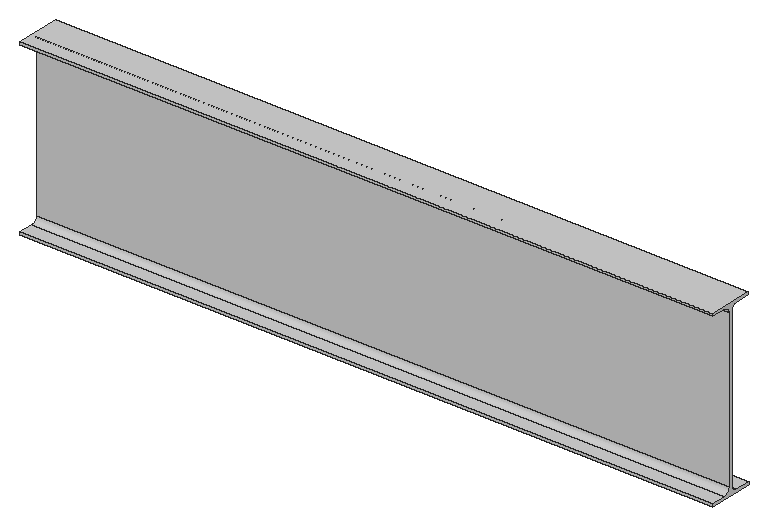
Revit family
Parameters (values of type "M12X10.8")
  Start Extension Calculation [instance] = 10' 0 1/2" + Start Extension  # 10' - 0"
  Start Extension [instance] = -0' - 0 1/2"
  End Extension Calculation [instance] = 10' 0 1/2" + End Extension  # 10' - 0"
  End Extension [instance] = -0' - 0 1/2"
  Beam Material [instance] = Metal - Steel - ASTM A36
  A = 3.18 in²
  Assembly Code = "B10"
  Length [instance] = 5' - 0"
  W = 10.8
  bf = 0' - 3 9/128"
  d = 0' - 11 31/32"
  k = 0' - 0 9/16"
  kr = k - tf  # 0' - 0 103/256"
  tf = 0' - 0 41/256"
  tw = 0' - 0 27/128"
Types (2): name | A | W | bf | d | kr | tf | tw
  M12X10.8 | 3.18 in² | 10.8 | 0' - 3 9/128" | 0' - 11 31/32" | 0' - 0 103/256" | 0' - 0 41/256" | 0' - 0 27/128"
  M8X6.5 | 1.92 in² | 6.5 | 0' - 2 9/32" | 0' - 8" | 0' - 0 109/256" | 0' - 0 35/256" | 0' - 0 49/256"
Reference planes (in)
  plane 1 "Center (Front/Back)": y = 0
  plane 2: z = 0
  plane 3 "Center (Left/Right)": x = 0.1815
  plane 4 "Member Left": x = -23.8185
  plane 5 "Member Right": x = 24.1815
  plane 6: y = 1.53516
  plane 7: y = -1.53516
  plane 8 "Top": z = 5.98437
  plane 9: z = -5.98438
  plane 10 "Left": x = -29.8185
  plane 11 "Right": x = 30.1815
  plane 12: x = -23.8185
  plane 13: x = 24.1815
  plane 14: x = 96.1815
  plane 15: x = -95.8185
Forms (in)
  Sweep 1, solid, material "Metal - Steel - ASTM A36" <- "Beam Material", detail levels fine
    path origin (0, 0, 0) x (1, 0, 0) y (0, 1, 0)
      loop
        line (24.1815, 0) -> (-23.8185, 0)
    profile "Wide Flange-Profile-Fine : Wide Flange-Profile-Fine" origin (0.1815, 0, 0) x (0, -1, 0) y (0, 0, 1)
      loop
        line (-1.53516, -5.98438) -> (1.53516, -5.98438) -> (1.53516, -5.82422) -> (0.50781, -5.82422)
        arc (0.50781, -5.82422) -> (0.22331, -5.70637) -> (0.10547, -5.42188) r 0.40234
        line (0.10547, -5.42188) -> (0.10547, 5.42187)
        arc (0.10547, 5.42187) -> (0.22331, 5.70637) -> (0.50781, 5.82422) r 0.40234
        line (0.50781, 5.82422) -> (1.53516, 5.82422) -> (1.53516, 5.98437) -> (-1.53516, 5.98437) -> (-1.53516, 5.82422) -> (-0.50781, 5.82422)
        arc (-0.50781, 5.82422) -> (-0.22331, 5.70637) -> (-0.10547, 5.42187) r 0.40234
        line (-0.10547, 5.42187) -> (-0.10547, -5.42188)
        arc (-0.10547, -5.42188) -> (-0.22331, -5.70637) -> (-0.50781, -5.82422) r 0.40234
        line (-0.50781, -5.82422) -> (-1.53516, -5.82422) -> (-1.53516, -5.98438)
  Sweep 2, solid, material "Metal - Steel - ASTM A36" <- "Beam Material", detail levels medium
    path origin (0, 0, 0) x (1, 0, 0) y (0, 1, 0)
      loop
        line (24.1815, 0) -> (-23.8185, 0)
    profile "Wide Flange-Profile-Medium : Wide Flange-Profile-Medium" origin (0.1815, 0, 0) x (0, -1, 0) y (0, 0, 1)
      loop
        line (-1.53516, -5.98438) -> (1.53516, -5.98438) -> (1.53516, -5.82422) -> (0.10547, -5.82422) -> (0.10547, 5.82422) -> (1.53516, 5.82422) -> (1.53516, 5.98437) -> (-1.53516, 5.98437) -> (-1.53516, 5.82422) -> (-0.10547, 5.82422) -> (-0.10547, -5.82422) -> (-1.53516, -5.82422) -> (-1.53516, -5.98438)
Lines and regions (in)
  symbolic lines, style "Hidden Faces", detail levels medium+fine
    curve 1: line (24.1815, -0.10547, 0) -> (-23.8185, -0.10547, 0)
    curve 2: line (24.1815, 0.10547, 0) -> (-23.8185, 0.10547, 0)
  symbolic lines, style "Stick Symbols", detail levels coarse
    curve 3: line (0.1815, 1.53516, 5.98437) -> (0.1815, -1.53516, 5.98437)
    curve 4: line (0.1815, -1.53516, -5.98438) -> (0.1815, 1.53516, -5.98438)
    curve 5: line (0.1815, 0, 5.98437) -> (0.1815, 0, -5.98438)
Dimensions and locks (in)
  "bf": plane 6 to plane 7
  "d": plane 9 to plane 8 "Top"
  equal spacing: plane 9, plane 2, plane 8 "Top"
  equal spacing: plane 6, plane 1 "Center (Front/Back)", plane 7
  "Length": plane 10 "Left" to plane 11 "Right"
  equal spacing: curve 2, plane 1 "Center (Front/Back)", curve 1
  "tw": curve 2 to curve 1
  locked: plane 4 "Member Left" to plane 14 at 120
  locked: plane 15 to plane 5 "Member Right" at 120
  "Start Extension Calculation": plane 12 to plane 14
  "End Extension Calculation": plane 15 to plane 13
  aligned and locked: Sweep 1 sketch curve to plane 1 "Center (Front/Back)"
  aligned and locked: Sweep 2 sketch curve to plane 1 "Center (Front/Back)"
  aligned and locked: Sweep 2 to curve 3  (x2)
  aligned and locked: Sweep 2 to curve 4  (x2)
  aligned and locked: curve 3 to Sweep 2
  aligned and locked: curve 4 to Sweep 2
  aligned and locked: plane 12 to Sweep 2 sketch curve
  aligned and locked: plane 13 to Sweep 2 sketch curve
  aligned and locked: plane 12 to Sweep 1 sketch curve
  aligned and locked: plane 13 to Sweep 1 sketch curve
  aligned and locked: plane 12 to curve 2
  aligned and locked: plane 12 to curve 1
  aligned and locked: plane 13 to curve 2
  aligned and locked: plane 13 to curve 1
Automatic sketch dimensions
  curve 5 to plane 1 "Center (Front/Back)" = 0' - 0"
